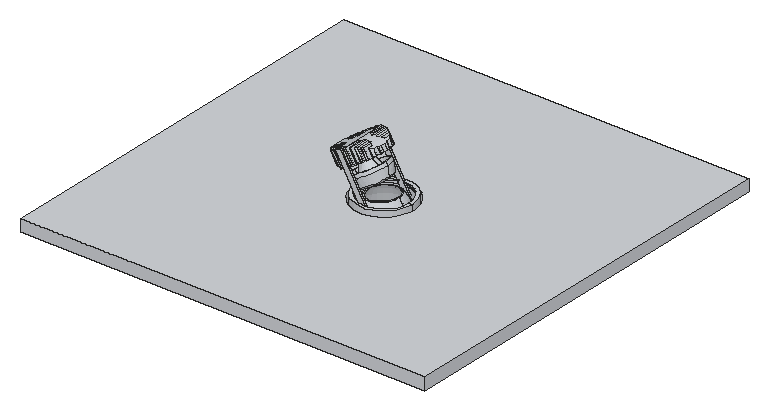
Revit family "Ambiance-L100-Directional", category Lighting Fixtures, Revit 2014
Parameters (values of type "Quinta C100 Round")
  Wattage Comments = "8.3"
  Wattage = 8.3 W
  built-in parameter 1150110 = 1 (stored number, unit not read)
  Type Comments = "Recessed"
  Type = "Quninta C100"
  built-in parameter 1114217 = 1 (stored number, unit not read)
  Tilt Angle = 110.00°
  built-in parameter 1150109 = 1 (stored number, unit not read)
  built-in parameter 1150134 = (empty or 0)
  built-in parameter 1150113 = 1 (stored number, unit not read)
  Photometric Web File = "G0160-250mA.ies"
  O/A Diameter (mm) = "70"
  Model = "Quinta C100"
  Manufacturer = "Designed Architectural Lighting"
  Luminous flux of luminaire (lm) = "Up to 1050 lumens"
  Lumens = 1049.95 lm
  built-in parameter 1150115 = 1 (stored number, unit not read)
  built-in parameter 1150105 = 83.552 (stored number, unit not read)
  built-in parameter 1150137 = (empty or 0)
  built-in parameter 1150139 = (empty or 0)
  built-in parameter 1150112 = 1 (stored number, unit not read)
  built-in parameter 1150114 = 1 (stored number, unit not read)
  Lamp = "LED"
  built-in parameter 1150132 = (empty or 0)
  built-in parameter 1150102 = (empty or 0)
  built-in parameter 1150138 = (empty or 0)
  built-in parameter 1150107 = 3000 (stored number, unit not read)
  built-in parameter 1150106 = 0.83552 (stored number, unit not read)
  Height (mm) = "67"
  built-in parameter 1150104 = 11.752 (stored number, unit not read)
  Dimming Lamp Color Temperature Shift = <None>
  Description = "Recessed directional LED downlighter"
  Cut Out (mm) = "90"
  Colour temperature (K) = "2700 / 3000 / 4000"
  Color Filter = 16777215
  CRI = "80"
  built-in parameter 1114218 = 1 (stored number, unit not read)
  built-in parameter 1150133 = 10 (stored number, unit not read)
  Apparent Load = 8.3 VA
  Aperture (mm) = "68"
Reference planes
  plane 1 "Light Source Axis (F/B)": y = 0
  plane 2: z = 0
  plane 3 "Light Source Axis (L/R)": x = 0
  plane 4 "Light Source Elevation": z = 0
Forms (mm)
  Extrusion 1, solid
    sketch origin (66.181, -38.915, 0) x (0, 1, 0) y (-1, 0, 0)
      loop
        line (-261.085, 366.181) -> (-261.085, -233.819) -> (338.915, -233.819) -> (338.915, 366.181) -> (-261.085, 366.181)
      loop
        circle (38.915, 66.181) r 45
    from 0 to 18
  Revolve 2, solid
    sketch origin (-6.232, 0, 27.154) x (-0.866025, 0, -0.5) y (-0.5, 0, 0.866025)
      loop
        line (0, 43.162) -> (15, 43.162) -> (15, 46.138) -> (0, 46.138) -> (0, 43.162)
      axis (0, 46.138) -> (0, 43.162)
    angle from 0 to 360
  Extrusion 3, solid
    sketch origin (5.643, -134.655, 6.586) x (0, 1, 0) y (-0.866025, 0, -0.5)
      loop
        line (137.741, 33.016) -> (133.896, 33.016) -> (128.121, 33.016) -> (126.853, 31.748) -> (121.853, 31.748) -> (117.155, 30.037) -> (117.155, 29.216) -> (124.321, 29.216) -> (124.321, 26.255) -> (112.585, 26.255) -> (110.97, 24.64) -> (110.97, 23.63) -> (128.13, 23.63) -> (128.13, 20.669) -> (107.74, 20.669) -> (106.495, 19.424) -> (106.495, 18.381) -> (128.13, 18.381) -> (128.13, 15.488) -> (104.981, 15.488) -> (104.106, 15.488) -> (104.106, 12.46) -> (123.689, 12.46) -> (123.689, 9.633) -> (102.761, 9.633) -> (101.818, 9.633) -> (101.818, 7.413) -> (106.495, 7.413) -> (106.495, 4.25) -> (100.944, 4.25) -> (100.944, 1.424) -> (105.944, 1.424) -> (105.944, -1.604) -> (100.944, -1.604) -> (100.944, -3.997) -> (105.944, -3.997) -> (105.944, -7.272) -> (101.818, -7.272) -> (101.818, -9.508) -> (123.689, -9.508) -> (123.689, -13.008) -> (104.106, -13.008) -> (104.106, -15.296) -> (128.13, -15.296) -> (128.13, -18.189) -> (106.495, -18.189) -> (106.495, -19.23) -> (108.15, -20.885) -> (128.13, -20.885) -> (128.13, -23.693) -> (110.958, -23.693) -> (110.958, -24.678) -> (112.459, -26.178) -> (125.077, -26.178) -> (125.077, -29.146) -> (117.128, -29.146) -> (117.128, -30.167) -> (120.985, -31.965) -> (127.151, -31.965) -> (128.408, -33.223) -> (132.466, -33.223) -> (139.171, -33.223) -> (143.228, -33.223) -> (144.486, -31.965) -> (150.652, -31.965) -> (154.509, -30.167) -> (154.509, -29.146) -> (146.56, -29.146) -> (146.56, -26.178) -> (159.178, -26.178) -> (160.679, -24.678) -> (160.679, -23.693) -> (143.507, -23.693) -> (143.507, -20.885) -> (163.487, -20.885) -> (165.142, -19.23) -> (165.142, -18.189) -> (143.507, -18.189) -> (143.507, -15.296) -> (167.53, -15.296) -> (167.53, -13.008) -> (147.948, -13.008) -> (147.948, -9.508) -> (169.818, -9.508) -> (169.818, -7.272) -> (165.693, -7.272) -> (165.693, -3.997) -> (170.693, -3.997) -> (170.693, -1.604) -> (165.693, -1.604) -> (165.693, 1.424) -> (170.693, 1.424) -> (170.693, 4.25) -> (165.142, 4.25) -> (165.142, 7.413) -> (169.818, 7.413) -> (169.818, 9.633) -> (168.876, 9.633) -> (147.948, 9.633) -> (147.948, 12.46) -> (167.53, 12.46) -> (167.53, 15.488) -> (166.656, 15.488) -> (143.507, 15.488) -> (143.507, 18.381) -> (165.142, 18.381) -> (165.142, 19.424) -> (163.897, 20.669) -> (143.507, 20.669) -> (143.507, 23.63) -> (160.667, 23.63) -> (160.667, 24.64) -> (159.052, 26.255) -> (147.316, 26.255) -> (147.316, 29.216) -> (154.482, 29.216) -> (154.482, 30.037) -> (149.784, 31.748) -> (144.784, 31.748) -> (143.515, 33.016) -> (137.741, 33.016)
    from 66.912 to 90.138
  Extrusion 4, void
    sketch origin (-7.852, 0, 29.167) x (-0.866025, 0, -0.5) y (-0.5, 0, 0.866025)
      loop
        line (-1.593, 64.492) -> (-1.593, 65.51) -> (-35.799, 65.51) -> (-35.799, 45.51)
        arc (-35.799, 45.51) -> (-20.941, 59.046) -> (-1.593, 64.492) r 43.666
    from -36.333 to 39.554
  Extrusion 5, void
    sketch origin (-7.055, 0, 30.233) x (-0.866025, 0, -0.5) y (-0.5, 0, 0.866025)
      loop
        line (33.846, 38.172) -> (33.846, 50.633) -> (31.273, 49.433)
        arc (31.273, 49.433) -> (28.183, 45.18) -> (23.183, 43.555) r 8.507
        line (23.183, 43.555) -> (15.488, 43.555) -> (15.488, 38.172) -> (33.846, 38.172)
    from -36.333 to 36.038
  Revolve 6, solid
    sketch origin (5.643, 0, 6.586) x (-0.866025, 0, -0.5) y (-0.5, 0, 0.866025)
      loop
        line (8.337, 67.46) -> (5.763, 67.46)
        arc (5.763, 67.46) -> (13.427, 52.988) -> (20.112, 38.039) r 246.294
        line (20.112, 38.039) -> (22.315, 38.039) -> (22.315, 39.854) -> (20.015, 39.854)
        arc (20.015, 39.854) -> (14.897, 53.962) -> (8.337, 67.46) r 143.9
      axis (0, 67.46) -> (0, 38.039)
    angle from 0 to 360
  Revolve 7, solid
    sketch origin (5.643, 0, 6.586) x (-0.866025, 0, -0.5) y (-0.5, 0, 0.866025)
      loop
        line (28.122, 54.782) -> (25.915, 54.782) -> (25.567, 49.794) -> (22.578, 49.794) -> (22.578, 37.885) -> (20.096, 37.885) -> (20.096, 36.34) -> (20.762, 35.674) -> (22.843, 35.674)
        arc (22.843, 35.674) -> (23.694, 35.902) -> (24.317, 36.525) r 1.701
        line (24.317, 36.525) -> (28.122, 49.794) -> (28.122, 54.782)
      axis (0, 54.782) -> (0, 35.674)
    angle from 0 to 360
  Revolve 8, solid
    sketch origin (0, 0, 0) x (-1, 0, 0) y (0, 0, 1)
      loop
        line (-38.485, 4.37) -> (-39.519, 4.37) -> (-39.519, -2.68) -> (-34.519, -2.68)
        arc (-34.519, -2.68) -> (-29.188, 13.05) -> (-20.075, 26.935) r 65.528
        line (-20.075, 26.935) -> (-21.662, 26.935)
        arc (-21.662, 26.935) -> (-30.486, 13.473) -> (-35.126, -1.94) r 56.119
        line (-35.126, -1.94) -> (-38.485, -1.94) -> (-38.485, 4.37)
      axis (0, 26.935) -> (0, -2.68)
    angle from 0 to 360
  Revolve 9, solid
    sketch origin (0, 0, 0) x (-1, 0, 0) y (0, 0, 1)
      loop
        line (49.954, 0) -> (41.578, 0) -> (41.578, 24.639) -> (36.954, 24.639) -> (36.954, 22.603) -> (38.262, 22.603) -> (38.262, 18.679) -> (39.55, 18.679) -> (39.55, -2.763) -> (49.954, -2.763) -> (49.954, 0)
      axis (0, 24.639) -> (0, -2.763)
    angle from 0 to 360
  Extrusion 10, solid
    sketch origin (5.643, 0, 6.586) x (0, 1, 0) y (-0.866025, 0, -0.5)
      loop
        line (-35.306, 4.25) -> (-35.306, -3.997) -> (-33.711, -3.997) -> (-33.711, 4.25) -> (-35.306, 4.25)
    from 4.37 to 90.138
  Extrusion 11, solid
    sketch origin (5.643, 71.418, 6.586) x (0, 1, 0) y (-0.866025, 0, -0.5)
      loop
        line (-35.306, 4.25) -> (-35.306, -3.997) -> (-33.711, -3.997) -> (-33.711, 4.25) -> (-35.306, 4.25)
    from 0 to 90.138
  Extrusion 12, void
    sketch origin (0, 0, 0) x (-1, 0, 0) y (0, 0, 1)
      loop
        line (26.408, 21.205) -> (26.408, 27.435) -> (-23.879, 27.435) -> (-24.733, 26.581) -> (26.408, 21.205)
    from -24.831 to 26.024
Cuts and joins
  Extrusion 4, Extrusion 5 cuts Extrusion 3
  Extrusion 12 cuts Revolve 8
  Extrusion 12 cuts Extrusion 11
Dimensions and locks
  aligned and locked: plane 3 "Light Source Axis (L/R)" to imposter light
  aligned and locked: plane 1 "Light Source Axis (F/B)" to imposter light
  aligned and locked: plane 4 "Light Source Elevation" to imposter light
  aligned and locked: level to plane 2
